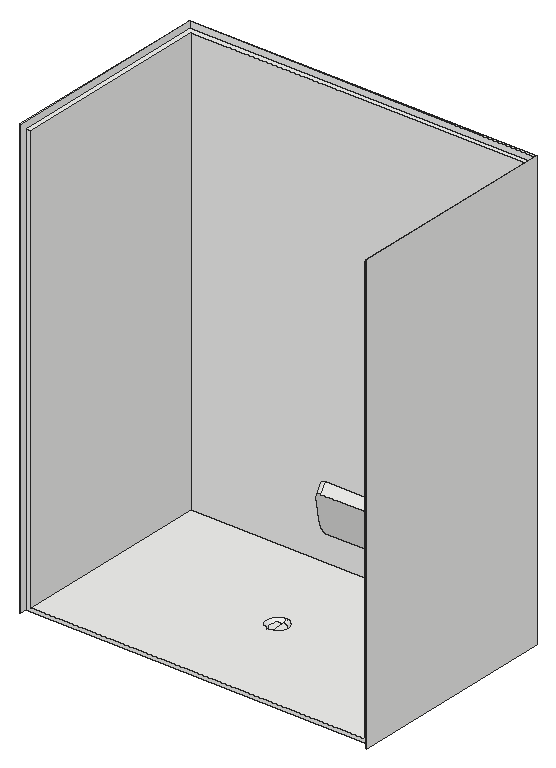
Revit family "Plumbing-Fixtures_Accessibility-Professionals-Inc_62.625x38.25-Freedom-ADA-Roll-In-Shower-Center-Drain", category Plumbing Fixtures, Revit 2023
Family settings
  Round Connector Dimension = Use Diameter
  Part Type = Normal
  OmniClass Number = 23.45.05.14.11.21
  OmniClass Title = Shower Receptors
  Work Plane-Based = No
  Enable Cutting in Views = No
  Always vertical = Yes
  Cut with Voids When Loaded = No
  Maintain Annotation Orientation = No
  Shared = No
  Room Calculation Point = No
Parameters (values of type "62 ⅝" x 38 ¼" Freedom ADA Roll In Shower, CENTER drain")
  Width = 62 5/8"  # constant formula
  Water Inlet Diameter = 2"
  Vertical Drain Offset = 31 5/16"  # constant formula
  Version = 1  # constant formula
  URL = "https://www.freedomshowers.com"
  Threshold Height = 3/4"  # constant formula
  Internal Wall Offset Side = 1"  # constant formula
  Product data url = ""
  Product Page URL = "https://www.freedomshowers.com/ADA-Showers-for-Handicapped-Accessibility/Wheelchair-Accessible-ADA-Roll-in-Showers/APF6238BF5P.75"
  Product Material = Freedom Showers by Accessibility Professionals Inc. - Fiberglass Acrylic - White
  Product Documentation Link = "https://www.freedomshowers.com/index.php?route=product/product.getProductAttachmentFile&attachment_id=2059675"
  Model = "APF6238BF5P.75"  # constant formula
  Manufacturer = "Freedom Showers by Accessibility Professionals Inc."  # constant formula
  Keynote = "22 40 00.B5"
  Interior Width = 60 1/16"  # constant formula
  Interior Depth = 36"  # constant formula
  Horizontal Drain Offset = 19 1/4"  # constant formula
  Height = 79"  # constant formula
  Grab Bars Material = Freedom Showers by Accessibility Professionals Inc. - Steel - Stainless
  Flow = 0 GPM
  Drain Diameter = 2"
  Description = "Five-piece ADA roll-in shower stall for remodels. Inside dimensions 60″ x 36″ for ADA compliance, 3/4″ beveled threshold, center drain, pre-leveled base, full wood-backing, subway-tile look with durable applied-acrylic finish. 30-year warranty, made in the USA. Order with a folding shower seat, grab bars, and accessories to meet ADAAG guidelines."  # constant formula
  Depth = 38 1/4"  # constant formula
  Default Elevation = 0"
  Date Updated = ""
  Date Created = "2025/08/29"  # constant formula
  Construction_Type One-Piece [instance] = yes
  Internal Wall Offset Back = 0.94"  # constant formula
  Construction_Type Multi-Piece [instance] = not([Construction_Type One-Piece])  # no
  Assembly Code = "D2010.60"
  ADA_Compliant [instance] = yes
Reference planes (in)
  plane 1 "Center (Front/Back)": y = 0
  plane 2: z = 0
  plane 3 "Center (Left/Right)": x = 0
  plane 4: x = 31.3125
  plane 5: x = -31.3125
  plane 6: y = 19.125
  plane 7: y = -19.125
  plane 8 "Drain Vertical": x = 0
  plane 9 "Drain Horizontal": y = -0.125
  plane 10: z = 79
  plane 11: z = 0.75
  plane 12: y = -16.79392
  plane 13: z = 39.75
  plane 14: z = 5.60069
  plane 15: z = 41
  plane 16: z = 25
  plane 17: x = 3.3125
Forms (in)
  Extrusion 1, solid, material "Freedom Showers by Accessibility Professionals Inc. - Fiberglass Acrylic - White" <- "Product Material", detail levels medium+fine
    sketch origin (0, 0, 0) x (1, 0, 0) y (0, 1, 0)
      loop
        line (-31.3125, 19.125) -> (-31.3125, -19.125) -> (-31.1225, -19.125) -> (-31.1225, 18.93796) -> (31.12546, 18.93796) -> (31.12546, -19.125) -> (31.3125, -19.125) -> (31.3125, 19.125) -> (-31.3125, 19.125)
    from 0 to 79
  Extrusion 2, solid, material "Freedom Showers by Accessibility Professionals Inc. - Fiberglass Acrylic - White" <- "Product Material", detail levels medium+fine
    sketch origin (0, 0, 0) x (0, 1, 0) y (0, 0, 1)
      loop
        line (-18.1676, 0.75) -> (-18.1676, 0) -> (18.93796, 0) -> (18.93796, 0.75) -> (-18.1676, 0.75)
    from -30.75322 to 30.81296
  Extrusion 3, solid, material "Freedom Showers by Accessibility Professionals Inc. - Fiberglass Acrylic - White" <- "Product Material", detail levels medium+fine
    sketch origin (0, 0, 0) x (1, 0, 0) y (0, 1, 0)
      loop
        line (-30.1225, 17.99796) -> (30.12546, 17.99796) -> (30.12546, -18.1676) -> (31.12546, -18.1676) -> (31.12546, 18.93796) -> (-31.1225, 18.93796) -> (-31.1225, -18.1676) -> (-30.1225, -18.1676) -> (-30.1225, 17.99796)
    from 0 to 77.95069
  Revolve 4, void, detail levels medium+fine
    sketch origin (0, -2.55546, 48) x (0, 1, 0) y (0, 0, 1)
      loop
        line (2.43046, -47.75) -> (2.43046, -47.25) -> (0.47795, -47.25) -> (0.97795, -47.75) -> (2.43046, -47.75)
      axis (2.43046, -47.75) -> (2.43046, -47.25)
    angle from 0 to 360
  Blend 5, solid, material "Freedom Showers by Accessibility Professionals Inc. - Fiberglass Acrylic - White" <- "Product Material", detail levels medium+fine
    base sketch origin (-29.7113, -11.07989, 48) x (1, 0, 0) y (0, 0, 1)
      loop
        arc (34.30728, -42.39931) -> (34.99473, -42.12555) -> (35.30578, -41.45416) r 1
        line (35.30578, -41.45416) -> (35.59736, -35.06958)
        arc (35.59736, -35.06958) -> (35.32511, -34.3273) -> (34.59887, -34.01474) r 1
        line (34.59887, -34.01474) -> (24.15016, -34.01474)
        arc (24.15016, -34.01474) -> (23.42392, -34.3273) -> (23.15166, -35.06958) r 1
        line (23.15166, -35.06958) -> (23.44325, -41.45416)
        arc (23.44325, -41.45416) -> (23.7543, -42.12555) -> (24.44174, -42.39931) r 1
        line (24.44174, -42.39931) -> (34.30728, -42.39931)
    top sketch origin (-29.7113, -11.07989, 48) x (1, 0, 0) y (0, 0, 1)
      loop
        arc (24.39554, -35.32692) -> (24.06229, -38.79604) -> (23.96775, -42.27984) r 50.78447
        arc (23.96775, -42.27984) -> (24.19733, -42.36898) -> (24.44174, -42.39931) r 1
        line (24.44174, -42.39931) -> (34.30728, -42.39931)
        arc (34.30728, -42.39931) -> (34.55172, -42.36898) -> (34.78132, -42.27982) r 1
        arc (34.78132, -42.27982) -> (34.68686, -38.79728) -> (34.35387, -35.32941) r 50.78701
        arc (34.35387, -35.32941) -> (34.01636, -34.72331) -> (33.36569, -34.48267) r 1
        line (33.36569, -34.48267) -> (25.38334, -34.48267)
        arc (25.38334, -34.48267) -> (24.73363, -34.72249) -> (24.39554, -35.32692) r 1
    from -28.75 to -26.15713
  Extrusion 6, void, detail levels medium+fine
    sketch origin (0, 0, 0) x (0, 1, 0) y (0, 0, 1)
      loop
        line (14.17779, 16.30707) -> (14.17779, 4.98526) -> (17.88079, 4.98526) -> (14.17779, 16.30707)
    from -9.15121 to 7.4906
  Extrusion 7, solid, material "Freedom Showers by Accessibility Professionals Inc. - Fiberglass Acrylic - White" <- "Product Material", detail levels coarse
    sketch origin (-44.52563, -180, 34.875) x (-1, 0, 0) y (0, -1, 0)
      loop
        line (-13.21313, -199.125) -> (-13.21313, -160.875) -> (-14.40313, -160.875) -> (-14.40313, -197.99796) -> (-74.65109, -197.99796) -> (-74.65109, -160.875) -> (-75.83813, -160.875) -> (-75.83813, -199.125) -> (-13.21313, -199.125)
    from -34.875 to 44.125
  Extrusion 8, solid, material "Freedom Showers by Accessibility Professionals Inc. - Fiberglass Acrylic - White" <- "Product Material", detail levels coarse
    sketch origin (-44.52563, -180, 34.875) x (-1, 0, 0) y (0, -1, 0)
      loop
        line (-13.21313, -199.125) -> (-13.21313, -160.875) -> (-75.83813, -160.875) -> (-75.83813, -199.125) -> (-13.21313, -199.125)
    from -34.875 to -34.125
Cuts and joins
  joined: Extrusion 7, Extrusion 8
  Revolve 4 cuts Extrusion 1
  Revolve 4, Extrusion 6 cuts Extrusion 2
  Revolve 4 cuts Extrusion 3
  Extrusion 6 cuts Blend 5
  joined: Extrusion 1, Extrusion 2, Extrusion 3, Blend 5
Lines and regions (in)
  Masking region 1, detail levels medium+fine
    outline origin (-44.52563, -180, 34.875) x (-1, 0, 0) y (0, -1, 0)
      loop
        line (-13.21313, -199.125) -> (-13.21313, -160.875) -> (-13.40313, -160.875) -> (-13.40313, -161.8324) -> (-75.65109, -161.8324) -> (-75.65109, -160.875) -> (-75.83813, -160.875) -> (-75.83813, -199.125) -> (-13.21313, -199.125)
  Masking region 2, detail levels coarse
    outline origin (-44.52563, -180, 34.875) x (-1, 0, 0) y (0, -1, 0)
      loop
        line (-13.21313, -199.125) -> (-13.21313, -160.875) -> (-75.83813, -160.875) -> (-75.83813, -199.125) -> (-13.21313, -199.125)
  symbolic lines, detail levels medium+fine
    curve 1: line (-30.1225, -18.1676, 34.875) -> (-30.1225, 17.99796, 34.875)
    curve 2: line (-30.1225, 17.99796, 34.875) -> (30.12546, 17.99796, 34.875)
    curve 3: line (30.12546, 17.99796, 34.875) -> (30.12546, -18.1676, 34.875)
    curve 4: line (-31.1225, -19.125, 34.875) -> (-31.1225, 18.93796, 34.875)
    curve 5: line (-31.1225, 18.93796, 34.875) -> (31.12546, 18.93796, 34.875)
    curve 6: line (31.12546, 18.93796, 34.875) -> (31.12546, -19.125, 34.875)
    curve 7: arc (0, -2.07309, 34.875) -> (-1.94809, -0.125, 34.875) -> (0, 1.82309, 34.875) r 1.94809
    curve 8: arc (0, 1.82309, 34.875) -> (1.94809, -0.125, 34.875) -> (0, -2.07309, 34.875) r 1.94809
    curve 9: circle (0.005, -0.125, 34.875) r 1.5 normal (0, 0, 1)
  symbolic lines, detail levels coarse
    curve 10: line (-30.1225, -19.125, 34.875) -> (-30.1225, 18.00046, 34.875)
    curve 11: line (-30.1225, 18.00046, 34.875) -> (30.12546, 18.00046, 34.875)
    curve 12: line (30.12546, 18.00046, 34.875) -> (30.12546, -19.125, 34.875)
  model lines, detail levels medium+fine
    curve 13: line (-30.1225, 17.99796, 65.12742) -> (30.12546, 17.99796, 65.12742)
    curve 14: line (-30.1225, 17.99796, 52.66257) -> (30.12546, 17.99796, 52.66257)
    curve 15: line (-30.1225, 17.99796, 40.66257) -> (30.12546, 17.99796, 40.66257)
    curve 16: line (-30.1225, 17.99796, 28.66257) -> (-3.01944, 17.99796, 28.66257)
    curve 17: line (30.12546, 17.99796, 16.19772) -> (-30.1225, 17.99796, 16.19772)
    curve 18: line (-30.1225, 17.99796, 3.55517) -> (30.12546, 17.99796, 3.55517)
    curve 19: line (-12.29163, 17.99796, 16.19772) -> (-12.29163, 17.99796, 3.55517)
    curve 20: line (12.09505, 17.99796, 16.19772) -> (12.09505, 17.99796, 3.55517)
    curve 21: line (-12.23197, 17.99796, 40.66257) -> (-12.23197, 17.99796, 28.66257)
    curve 22: line (12.04366, 17.99796, 40.66257) -> (12.04366, 17.99796, 28.66257)
    curve 23: line (12.04616, 17.99796, 65.12742) -> (12.04616, 17.99796, 52.66257)
    curve 24: line (-12.22947, 17.99796, 65.12742) -> (-12.22947, 17.99796, 52.66257)
    curve 25: line (0, 17.99796, 77.95069) -> (0, 17.99796, 65.12742)
    curve 26: line (0, 17.99796, 52.66257) -> (0, 17.99796, 40.66257)
    curve 27: line (-0.0025, 17.99796, 25) -> (-0.0025, 17.99796, 16.19772)
    curve 28: line (30.12546, 17.99796, 65.12742) -> (30.12546, -18.1676, 65.12742)
    curve 29: line (30.12546, 17.99796, 52.66257) -> (30.12546, -18.1676, 52.66257)
    curve 30: line (30.12546, 17.99796, 40.66257) -> (30.12546, -18.1676, 40.66257)
    curve 31: line (30.12546, 17.99796, 28.66257) -> (30.12546, -18.1676, 28.66257)
    curve 32: line (30.12546, 17.99796, 16.19772) -> (30.12546, -18.1676, 16.19772)
    curve 33: line (30.12546, 17.99796, 3.55517) -> (30.12546, -18.1676, 3.55517)
    curve 34: line (30.12546, -0.08482, 16.19772) -> (30.12546, -0.08482, 28.66257)
    curve 35: line (30.12546, -0.08482, 65.12742) -> (30.12546, -0.08482, 77.95069)
    curve 36: line (30.12546, -0.08482, 40.66257) -> (30.12546, -0.08482, 52.66257)
    curve 37: line (30.12546, -12.22482, 65.12742) -> (30.12546, -12.22482, 52.66257)
    curve 38: line (30.12546, 12.05518, 65.12742) -> (30.12546, 12.05518, 52.66257)
    curve 39: line (30.12546, 12.05518, 40.66257) -> (30.12546, 12.05518, 28.66257)
    curve 40: line (30.12546, 12.05518, 16.19772) -> (30.12546, 12.05518, 3.55517)
    curve 41: line (30.12546, -12.22482, 40.66257) -> (30.12546, -12.22482, 28.66257)
    curve 42: line (30.12546, -12.22482, 16.19772) -> (30.12546, -12.22482, 3.55517)
    curve 43: line (-30.1225, 17.99796, 65.12742) -> (-30.1225, -18.1676, 65.12742)
    curve 44: line (-30.1225, 17.99796, 52.66257) -> (-30.1225, -18.1676, 52.66257)
    curve 45: line (-30.1225, 17.99796, 40.66257) -> (-30.1225, -18.1676, 40.66257)
    curve 46: line (-30.1225, 17.99796, 28.66257) -> (-30.1225, -18.1676, 28.66257)
    curve 47: line (-30.1225, 17.99796, 16.19772) -> (-30.1225, -18.1676, 16.19772)
    curve 48: line (-30.1225, 17.99796, 3.55517) -> (-30.1225, -18.1676, 3.55517)
    curve 49: line (-30.1225, -0.08482, 16.19772) -> (-30.1225, -0.08482, 28.66257)
    curve 50: line (-30.1225, -0.08482, 65.12742) -> (-30.1225, -0.08482, 77.95069)
    curve 51: line (-30.1225, -0.08482, 40.66257) -> (-30.1225, -0.08482, 52.66257)
    curve 52: line (-30.1225, -12.22482, 65.12742) -> (-30.1225, -12.22482, 52.66257)
    curve 53: line (-30.1225, 12.05518, 65.12742) -> (-30.1225, 12.05518, 52.66257)
    curve 54: line (-30.1225, 12.05518, 40.66257) -> (-30.1225, 12.05518, 28.66257)
    curve 55: line (-30.1225, 12.05518, 16.19772) -> (-30.1225, 12.05518, 3.55517)
    curve 56: line (-30.1225, -12.22482, 40.66257) -> (-30.1225, -12.22482, 28.66257)
    curve 57: line (-30.1225, -12.22482, 16.19772) -> (-30.1225, -12.22482, 3.55517)
    curve 58: line (3.3125, 17.99796, 28.66257) -> (30.12546, 17.99796, 28.66257)
    curve 63: line (1.61506, 0.96481, 0.75) -> (30.12546, 17.99796, 0.75)
    curve 64: line (1.71851, -1.03779, 0.75) -> (30.12546, -18.1676, 0.75)
    curve 65: line (-1.61006, 0.96481, 0.75) -> (-30.12546, 17.99796, 0.75)
    curve 66: line (-1.71601, -1.03779, 0.75) -> (-30.12546, -18.1676, 0.75)
  symbolic lines, style "PlumbingFixturesHiddenLines", detail levels medium+fine
    curve 59: line (-30.1225, 17.99796, 34.875) -> (-1.61181, 0.96914, 34.875)
    curve 60: line (1.61506, 0.96433, 34.875) -> (30.12546, 17.99796, 34.875)
    curve 61: line (30.12546, -18.1676, 34.875) -> (1.72101, -1.03779, 34.875)
    curve 62: line (-1.71854, -1.04244, 34.875) -> (-30.1225, -18.1676, 34.875)
  model lines, not visible, detail levels medium+fine
    curve 67: line (-30.1225, 17.99796, 28.66257) -> (30.12546, 17.99796, 28.66257)
    curve 68: line (0.00148, 17.99796, 28.66257) -> (0.00148, 17.99796, 16.19772)
Dimensions and locks (in)
  equal spacing: plane 5, plane 3 "Center (Left/Right)", plane 4
  "Width": plane 5 to plane 4
  equal spacing: plane 7, plane 1 "Center (Front/Back)", plane 6
  "Depth": plane 7 to plane 6
  "Vertical Drain Offset": plane 5 to plane 8 "Drain Vertical"
  "Horizontal Drain Offset": plane 9 "Drain Horizontal" to plane 6
  "Height": plane 10 to level
  locked: plane 12 to plane 7 at 2.33108
  locked: plane 5 to Extrusion 1 sketch curve at 0.19
  locked: Extrusion 1 sketch curve to plane 6 at 0.18704
  locked: Extrusion 1 sketch curve to plane 4 at 0.18704
  "Threshold Height": plane 11 to level
  locked: plane 11 to Revolve 4 sketch curve at 0.5
  Revolve 4 sketch curve to Revolve 4 sketch curve to Revolve 4 sketch curve = 1.45251" locked, 1/2" locked
  locked: level to plane 13 at 39.75
  locked: plane 9 "Drain Horizontal" to curve 9
  locked: plane 8 "Drain Vertical" to curve 9 at 0.005
  cut or joined group of Extrusion 1, Extrusion 2, Extrusion 3, Revolve 4, Blend 5, Extrusion 6 to plane 14 to level = 8.38457" locked, 5.60069" locked
  locked: plane 5 to Extrusion 3 sketch curve at 0.19
  locked: Extrusion 3 sketch curve to plane 4 at 0.18704
  locked: Extrusion 3 sketch curve to plane 6 at 0.18704
  "Internal Wall Offset Back": Extrusion 3 sketch curve to Extrusion 3 sketch curve
  "Internal Wall Offset Side": Extrusion 3 sketch curve to Extrusion 3 sketch curve  (x2)
  "Internal Wall Offset Side": curve 4 to Extrusion 7 sketch curve
  "Internal Wall Offset Back": Extrusion 7 sketch curve to curve 5
  "Internal Wall Offset Side": Extrusion 7 sketch curve to curve 6
  plane 4 to plane 17 = 28"
  aligned and locked: plane 2 to level
  aligned and locked: Extrusion 1 sketch curve to plane 5
  aligned and locked: Extrusion 1 sketch curve to plane 6
  aligned and locked: Extrusion 1 sketch curve to plane 4
  aligned and locked: Extrusion 1 sketch curve to plane 7
  aligned and locked: Extrusion 1 to level
  aligned and locked: plane 10 to Extrusion 1
  aligned and locked: level to Extrusion 2 sketch curve
  aligned and locked: Extrusion 3 to level
  aligned and locked: Revolve 4 sketch curve to plane 9 "Drain Horizontal"
  aligned and locked: plane 11 to Extrusion 2 sketch curve
  aligned and locked: plane 11 to Revolve 4 sketch curve
  aligned and locked: Masking region 1 sketch curve to plane 5
  aligned and locked: Masking region 1 sketch curve to plane 6
  aligned and locked: Masking region 1 sketch curve to plane 4
  aligned and locked: Masking region 1 sketch curve to plane 7
  aligned and locked: Masking region 2 sketch curve to plane 5
  aligned and locked: Masking region 2 sketch curve to plane 6
  aligned and locked: Masking region 2 sketch curve to plane 4
  aligned and locked: Masking region 2 sketch curve to plane 7
  aligned and locked: Extrusion 7 sketch curve to plane 5
  aligned and locked: Extrusion 7 sketch curve to plane 6
  aligned and locked: Extrusion 7 sketch curve to plane 7
  aligned and locked: Extrusion 7 sketch curve to plane 4
  aligned and locked: Extrusion 7 to level
  aligned and locked: plane 10 to Extrusion 7
  aligned and locked: Extrusion 8 sketch curve to plane 5
  aligned and locked: Extrusion 8 sketch curve to plane 6
  aligned and locked: Extrusion 8 sketch curve to plane 7
  aligned and locked: Extrusion 8 sketch curve to plane 4
  aligned and locked: Extrusion 8 to level
  aligned and locked: plane 11 to Extrusion 8
  aligned and locked: curve 10 to cut or joined group of Extrusion 7, Extrusion 8
  aligned and locked: curve 12 to cut or joined group of Extrusion 7, Extrusion 8
  aligned and locked: cut or joined group of Extrusion 7, Extrusion 8 to curve 3
  aligned and locked: cut or joined group of Extrusion 7, Extrusion 8 to curve 2
  aligned and locked: cut or joined group of Extrusion 7, Extrusion 8 to curve 1
  aligned and locked: curve 25 to plane 3 "Center (Left/Right)"
Automatic sketch dimensions
  plane 7 to Extrusion 1 sketch curve = 0"
  Extrusion 2 sketch curve to plane 7 = 0.9574"
  plane 6 to Extrusion 2 sketch curve = 0.18704"
  Revolve 4 sketch curve to plane 9 "Drain Horizontal" = 0"
  Revolve 4 sketch curve to level = 12"
  plane 10 to Revolve 4 sketch curve = 17 3/8"
  curve 7 to curve 8 = 0"  (x2)
  plane 7 to curve 6 = 0"
  plane 7 to curve 12 = 0"
  curve 8 to plane 8 "Drain Vertical" = 0"
  plane 7 to curve 10 = 0"
  plane 7 to curve 4 = 0"
  plane 9 "Drain Horizontal" to curve 7 = 0"
  curve 2 to plane 4 = 1.18704"
  curve 11 to curve 2 = 0"
  curve 6 to plane 4 = 0.18704"
  plane 5 to curve 1 = 1.19"
  curve 11 to curve 1 = 0"
  plane 5 to curve 4 = 0.19"
  plane 6 to curve 60 = 1.12704"
  curve 11 to curve 1 = 0.0025"
  plane 6 to curve 5 = 0.18704"
  curve 3 to plane 7 = 0.9574"
  curve 1 to plane 7 = 0.9574"
  plane 3 "Center (Left/Right)" to curve 60 = 1.61506"
  curve 61 to plane 9 "Drain Horizontal" = 0.91279"
  plane 3 "Center (Left/Right)" to curve 61 = 1.72101"
  curve 59 to plane 1 "Center (Front/Back)" = 0.96914"
  curve 62 to plane 9 "Drain Horizontal" = 0.91744"
  Blend 5 sketch curve to plane 14 = 0"  (x2)
  Blend 5 sketch curve to plane 8 "Drain Vertical" = 6.55963"
  plane 14 to Blend 5 sketch curve = 0.94515"  (x2)
  Blend 5 sketch curve to plane 8 "Drain Vertical" = 6.26805"
  Blend 5 sketch curve to Blend 5 sketch curve = 0.99849"  (x3)
  plane 14 to Blend 5 sketch curve = 1"  (x2)
  plane 17 to Blend 5 sketch curve = 1.28349"  (x2)
  plane 17 to Blend 5 sketch curve = 1.57507"
  Blend 5 sketch curve to Blend 5 sketch curve = 6.38457"  (x2)
  Blend 5 sketch curve to Blend 5 sketch curve = 0.05485"
  plane 14 to Blend 5 sketch curve = 0.48456"  (x2)
  Blend 5 sketch curve to plane 5 = 14.40318"
  Blend 5 sketch curve to plane 8 "Drain Vertical" = 5.26955"
  Blend 5 sketch curve to plane 8 "Drain Vertical" = 4.32796"
  plane 17 to Blend 5 sketch curve = 0.34189"
  plane 4 to Blend 5 sketch curve = 13.72711"
  Blend 5 sketch curve to Blend 5 sketch curve = 1"  (x2)
  Blend 5 sketch curve to Blend 5 sketch curve = 5.91664"  (x2)
  Blend 5 sketch curve to Blend 5 sketch curve = 0.47399"
  Blend 5 sketch curve to Blend 5 sketch curve = 0.98819"
  plane 7 to Masking region 1 sketch curve = 0"
  Masking region 1 sketch curve to plane 4 = 0.18704"
  plane 5 to Masking region 1 sketch curve = 0.19"
  Masking region 1 sketch curve to plane 7 = 0.9574"
  Extrusion 6 sketch curve to plane 14 = 0.61543"
  plane 6 to Extrusion 6 sketch curve = 4.94721"
  plane 6 to Extrusion 6 sketch curve = 1.24421"
  Extrusion 6 sketch curve to plane 16 = 8.69293"
  curve 58 to Extrusion 3 = 0"
  curve 13 to Extrusion 3 = 0"
  curve 18 to Extrusion 3 = 0"
  curve 14 to Extrusion 3 = 0"
  curve 17 to Extrusion 3 = 0"
  curve 15 to Extrusion 3 = 0"
  Extrusion 3 to curve 17 = 0"
  Extrusion 3 to curve 16 = 0"
  Extrusion 3 to curve 15 = 0"
  Extrusion 3 to curve 14 = 0"
  Extrusion 3 to curve 13 = 0"
  Extrusion 3 to curve 18 = 0"
  curve 25 to Extrusion 3 = 0"
  Extrusion 3 to curve 20 = 3.55517"
  curve 20 to Extrusion 3 = 18.03042"
  curve 22 to Extrusion 3 = 18.0818"
  curve 23 to curve 25 = 12.04616"
  curve 22 to curve 58 = 8.73116"
  curve 23 to curve 26 = 12.04616"
  curve 20 to curve 27 = 12.09755"
  curve 27 to curve 16 = 3.01694"
  curve 16 to curve 21 = 9.21252"
  curve 25 to curve 24 = 12.22947"
  curve 27 to curve 19 = 12.28913"
  Extrusion 3 to curve 24 = 12.82327"
  curve 23 to curve 23 = 12 119/256"
  curve 14 to curve 15 = 12"
  curve 15 to curve 58 = 12"
  curve 21 to curve 21 = 12"
  curve 16 to curve 27 = 3.66257"
  curve 16 to curve 17 = 12 119/256"
  curve 28 to Extrusion 3 = 0"  (x2)
  curve 33 to Extrusion 3 = 0"  (x2)
  curve 29 to Extrusion 3 = 0"  (x2)
  curve 32 to Extrusion 3 = 0"  (x2)
  curve 30 to Extrusion 3 = 0"  (x2)
  curve 31 to Extrusion 3 = 0"  (x2)
  Extrusion 3 to curve 35 = 0"
  Extrusion 3 to curve 39 = 5.94278"
  curve 32 to curve 40 = 5.94278"
  Extrusion 3 to curve 38 = 5.94278"
  curve 40 to curve 34 = 12.14"
  curve 38 to curve 35 = 12.14"
  curve 36 to curve 34 = 0"
  curve 37 to curve 28 = 5.94278"
  curve 42 to curve 32 = 5.94278"
  curve 41 to Extrusion 3 = 5.94278"
  Extrusion 3 to curve 38 = 12.82327"
  curve 29 to curve 28 = 12 119/256"
  curve 39 to curve 38 = 12"
  curve 34 to curve 36 = 12"
  curve 32 to curve 31 = 12 119/256"
  Extrusion 3 to curve 42 = 3.55517"
  curve 43 to Extrusion 3 = 0"  (x2)
  curve 48 to Extrusion 3 = 0"  (x2)
  curve 44 to Extrusion 3 = 0"  (x2)
  curve 47 to Extrusion 3 = 0"  (x2)
  curve 45 to Extrusion 3 = 0"  (x2)
  curve 46 to Extrusion 3 = 0"  (x2)
  Extrusion 3 to curve 50 = 0"
  Extrusion 3 to curve 54 = 5.94278"
  Extrusion 3 to curve 55 = 5.94278"
  Extrusion 3 to curve 53 = 5.94278"
  curve 55 to curve 49 = 12.14"
  curve 53 to curve 50 = 12.14"
  curve 51 to curve 49 = 0"
  curve 52 to curve 43 = 5.94278"
  curve 57 to curve 47 = 5.94278"
  curve 56 to curve 46 = 5.94278"
  Extrusion 3 to curve 43 = 12.82327"
  curve 43 to curve 44 = 12 119/256"
  curve 53 to curve 54 = 12"
  curve 56 to curve 56 = 12"
  curve 56 to curve 57 = 12 119/256"
  Extrusion 3 to curve 55 = 3.55517"
  curve 66 to plane 7 = 0.9574"
  curve 63 to plane 4 = 1.18704"
  curve 64 to plane 7 = 0.9574"
  curve 64 to plane 9 "Drain Horizontal" = 0.91279"
  curve 66 to plane 9 "Drain Horizontal" = 0.91279"
  curve 65 to plane 1 "Center (Front/Back)" = 0.96481"
  curve 63 to plane 1 "Center (Front/Back)" = 0.96481"
  plane 6 to curve 65 = 1.12704"
  plane 6 to curve 63 = 1.12704"
  curve 64 to plane 4 = 1.18704"
  curve 64 to plane 17 = 1.59399"
  plane 3 "Center (Left/Right)" to curve 63 = 1.61506"
  curve 65 to plane 8 "Drain Vertical" = 1.61006"
  curve 66 to plane 8 "Drain Vertical" = 1.71601"
  plane 5 to curve 66 = 1.18704"
  plane 5 to curve 65 = 1.18704"
  curve 67 to Extrusion 3 = 0"
  Extrusion 3 to curve 67 = 0"
  curve 68 to curve 16 = 3.02092"
  curve 68 to curve 27 = 0.00398"
  curve 68 to curve 16 = 0"
  Extrusion 3 sketch curve to plane 7 = 0.9574"  (x2)
  plane 7 to Extrusion 7 sketch curve = 0"
  radius of curve 9 = 1 1/2"
Connectors (in)
  piping at (0, -0.125, 0.25), diameter 2, driven by "Flow", driven by "Drain Diameter"
    settings: on cut or joined group of Extrusion 1, Extrusion 2, Extrusion 3, Revolve 4, Blend 5, Extrusion 6, index 1, connector inside diameter 24", connector length 0", flow factor 0, pipe flow 0 GPM, pressure drop 0.00 psi, fitting loss kfactor 0, connector angle 0.00°, fixture units 0, engagement length 0", angle of deflection 0.00°, flow configuration 0, flow direction 2, fitting loss method 0, system type 16, joint type 0, gender type 0, connector reference index -1, connector utility 0, adjustable connector no, is connector primary yes, connector description "Drain"
